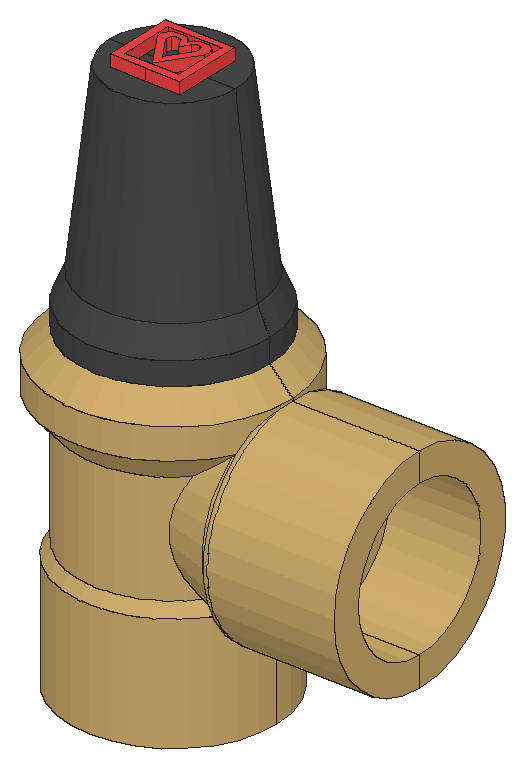
Revit family "pressure Relief safety valve 26xx", category Rohrzubehör, Revit 2021
Family settings
  Bemaßung runder Anschluss = Durchmesser verwenden
  Teiletyp = Normal
  OmniClass-Nummer = 23.65.55.14
  OmniClass-Titel = Valves for Liquid Services
  Arbeitsebenenbasiert = Nein
  Immer vertikal = Ja
  Beim Laden mit Abzugskörper schneiden = Nein
  Gemeinsam genutzt = Nein
Parameters (values of type "PN8")
  min. Temperature = 0 °C  # constant formula
  max. Temperature = 110 °C  # constant formula
  Weight [instance] = if(PN1.8, size_lookup("26XX_PN1.8", "Gewicht", 0.19, Nennweite), if(PN2.5, size_lookup("26XX_PN2.5", "Gewicht", 0.19, Nennweite), if(PN3, size_lookup("26XX_PN3", "Gewicht", 0.19, Nennweite), if(PN4, size_lookup("26XX_PN4", "Gewicht", 0.19, Nennweite), if(PN5, size_lookup("26XX_PN5", "Gewicht", 0.19, Nennweite), if(PN6, size_lookup("26XX_PN6", "Gewicht", 0.19, Nennweite), if(PN8, size_lookup("26XX_PN8", "Gewicht", 0.19, Nennweite), size_lookup("26XX_PN10", "Gewicht", 269501, Nennweite))))))))  # 0.118
  WS01 = 70.00°  # constant formula
  Vorgabe-Ansicht = 0.0000 mm
  URL = "www.herzvalves.com"
  Spring = "spring steel W.Nr. 1.4310"  # constant formula
  SCRNSEQ = "AWI;AWI_TYP=\"1015\";2"
  SCRNCODE = "05;21;02"  # constant formula
  S03 = 10.5000 mm  # constant formula
  S02 [instance] = H02 + H05  # 47.5000 mm
  S01 = 8.0000 mm  # constant formula
  R11 = 1.0000 mm  # constant formula
  R10 [instance] = (Nennweite Aus / 2) + 3.8000 mm  # 13.8000 mm
  R09 [instance] = Nennweite Aus / 2  # 10.0000 mm
  R08 [instance] = (Nennweite / 2) + 3.5000 mm  # 11.0000 mm
  R07 [instance] = R08 - 2.8000 mm  # 8.2000 mm
  R06 [instance] = Nennweite / 2  # 7.5000 mm
  R05 [instance] = Nennweite / 2  # 7.5000 mm
  R04 [instance] = if(PN1.8, size_lookup("26XX_PN1.8", "SW", 40.0000 mm, Nennweite), if(PN2.5, size_lookup("26XX_PN2.5", "SW", 40.0000 mm, Nennweite), if(PN3, size_lookup("26XX_PN3", "SW", 40.0000 mm, Nennweite), if(PN4, size_lookup("26XX_PN4", "SW", 40.0000 mm, Nennweite), if(PN5, size_lookup("26XX_PN5", "SW", 40.0000 mm, Nennweite), if(PN6, size_lookup("26XX_PN6", "SW", 40.0000 mm, Nennweite), if(PN8, size_lookup("26XX_PN8", "SW", 40.0000 mm, Nennweite), size_lookup("26XX_PN10", "SW", 269501.0000 mm, Nennweite))))))))  # 13.5000 mm
  R03 [instance] = (Nennweite / 2) + 5.0000 mm  # 12.5000 mm
  R02 [instance] = R04 + 2.0000 mm  # 15.5000 mm
  Part number [instance] = if(PN1.8, size_lookup("26XX_PN1.8", "Artnr", 0, Nennweite), if(PN2.5, size_lookup("26XX_PN2.5", "Artnr", 0, Nennweite), if(PN3, size_lookup("26XX_PN3", "Artnr", 0, Nennweite), if(PN4, size_lookup("26XX_PN4", "Artnr", 0, Nennweite), if(PN5, size_lookup("26XX_PN5", "Artnr", 0, Nennweite), if(PN6, size_lookup("26XX_PN6", "Artnr", 0, Nennweite), if(PN8, size_lookup("26XX_PN8", "Artnr", 0, Nennweite), size_lookup("26XX_PN10", "Artnr", 0, Nennweite))))))))  # 1268501
  PN8 = yes
  PN6 = no
  PN5 = no
  PN4 = no
  PN3 = no
  PN2.5 = no
  PN10 = no
  PN1.8 = no
  Nennweite Aus [instance] = if(PN1.8, size_lookup("26XX_PN1.8", "DN1", 38.1000 mm, Nennweite), if(PN2.5, size_lookup("26XX_PN2.5", "DN1", 38.1000 mm, Nennweite), if(PN3, size_lookup("26XX_PN3", "DN1", 38.1000 mm, Nennweite), if(PN4, size_lookup("26XX_PN4", "DN1", 38.1000 mm, Nennweite), if(PN5, size_lookup("26XX_PN5", "DN1", 38.1000 mm, Nennweite), if(PN6, size_lookup("26XX_PN6", "DN1", 38.1000 mm, Nennweite), if(PN8, size_lookup("26XX_PN8", "DN1", 38.1000 mm, Nennweite), size_lookup("26XX_PN10", "DN1", 38.1000 mm, Nennweite))))))))  # 20.0000 mm
  Nennweite [instance] = 15.0000 mm
  Name plate = "plastic PA6"  # constant formula
  Medium = "water purity in accordance with the ÖNORM H 5195 and VDI 2035 standards"
  Lid = "plastic PA6 (DN15-20), CW617N (DN25-32)"  # constant formula
  LO1 [instance] = H02 + H05 - 1.0000 mm  # 46.5000 mm
  L02 [instance] = if(PN1.8, size_lookup("26XX_PN1.8", "L2", 17.5000 mm, Nennweite), if(PN2.5, size_lookup("26XX_PN2.5", "L2", 17.5000 mm, Nennweite), if(PN3, size_lookup("26XX_PN3", "L2", 17.5000 mm, Nennweite), if(PN4, size_lookup("26XX_PN4", "L2", 17.5000 mm, Nennweite), if(PN5, size_lookup("26XX_PN5", "L2", 17.5000 mm, Nennweite), if(PN6, size_lookup("26XX_PN6", "L2", 17.5000 mm, Nennweite), if(PN8, size_lookup("26XX_PN8", "L2", 17.5000 mm, Nennweite), size_lookup("26XX_PN10", "L2", 269501.0000 mm, Nennweite))))))))  # 17.5000 mm
  L01 [instance] = if(PN1.8, size_lookup("26XX_PN1.8", "L1", 12.0000 mm, Nennweite), if(PN2.5, size_lookup("26XX_PN2.5", "L1", 12.0000 mm, Nennweite), if(PN3, size_lookup("26XX_PN3", "L1", 12.0000 mm, Nennweite), if(PN4, size_lookup("26XX_PN4", "L1", 12.0000 mm, Nennweite), if(PN5, size_lookup("26XX_PN5", "L1", 12.0000 mm, Nennweite), if(PN6, size_lookup("26XX_PN6", "L1", 12.0000 mm, Nennweite), if(PN8, size_lookup("26XX_PN8", "L1", 12.0000 mm, Nennweite), size_lookup("26XX_PN10", "L1", 269501.0000 mm, Nennweite))))))))  # 12.0000 mm
  L00 [instance] = if(PN1.8, size_lookup("26XX_PN1.8", "L", 52.0000 mm, Nennweite), if(PN2.5, size_lookup("26XX_PN2.5", "L", 52.0000 mm, Nennweite), if(PN3, size_lookup("26XX_PN3", "L", 52.0000 mm, Nennweite), if(PN4, size_lookup("26XX_PN4", "L", 52.0000 mm, Nennweite), if(PN5, size_lookup("26XX_PN5", "L", 52.0000 mm, Nennweite), if(PN6, size_lookup("26XX_PN6", "L", 52.0000 mm, Nennweite), if(PN8, size_lookup("26XX_PN8", "L", 52.0000 mm, Nennweite), size_lookup("26XX_PN10", "L", 269501.0000 mm, Nennweite))))))))  # 32.0000 mm
  Internal threaded connectors = "acc. to ISO 228-1"  # constant formula
  H08 [instance] = if(PN1.8, size_lookup("26XX_PN1.8", "H8", 21.0000 mm, Nennweite), if(PN2.5, size_lookup("26XX_PN2.5", "H8", 21.0000 mm, Nennweite), if(PN3, size_lookup("26XX_PN3", "H8", 21.0000 mm, Nennweite), if(PN4, size_lookup("26XX_PN4", "H8", 21.0000 mm, Nennweite), if(PN5, size_lookup("26XX_PN5", "H8", 21.0000 mm, Nennweite), if(PN6, size_lookup("26XX_PN6", "H8", 21.0000 mm, Nennweite), if(PN8, size_lookup("26XX_PN8", "H8", 21.0000 mm, Nennweite), size_lookup("26XX_PN10", "H8", 269501.0000 mm, Nennweite))))))))  # 6.5000 mm
  H07 [instance] = if(PN1.8, size_lookup("26XX_PN1.8", "H7", 3.0000 mm, Nennweite), if(PN2.5, size_lookup("26XX_PN2.5", "H7", 3.0000 mm, Nennweite), if(PN3, size_lookup("26XX_PN3", "H7", 3.0000 mm, Nennweite), if(PN4, size_lookup("26XX_PN4", "H7", 3.0000 mm, Nennweite), if(PN5, size_lookup("26XX_PN5", "H7", 3.0000 mm, Nennweite), if(PN6, size_lookup("26XX_PN6", "H7", 3.0000 mm, Nennweite), if(PN8, size_lookup("26XX_PN8", "H7", 3.0000 mm, Nennweite), size_lookup("26XX_PN10", "H7", 269501.0000 mm, Nennweite))))))))  # 3.0000 mm
  H06 [instance] = if(PN1.8, size_lookup("26XX_PN1.8", "H6", 15.0000 mm, Nennweite), if(PN2.5, size_lookup("26XX_PN2.5", "H6", 15.0000 mm, Nennweite), if(PN3, size_lookup("26XX_PN3", "H6", 15.0000 mm, Nennweite), if(PN4, size_lookup("26XX_PN4", "H6", 15.0000 mm, Nennweite), if(PN5, size_lookup("26XX_PN5", "H6", 15.0000 mm, Nennweite), if(PN6, size_lookup("26XX_PN6", "H6", 15.0000 mm, Nennweite), if(PN8, size_lookup("26XX_PN8", "H6", 15.0000 mm, Nennweite), size_lookup("26XX_PN10", "H6", 269501.0000 mm, Nennweite))))))))  # 15.0000 mm
  H05 [instance] = if(PN1.8, size_lookup("26XX_PN1.8", "H5", 30.0000 mm, Nennweite), if(PN2.5, size_lookup("26XX_PN2.5", "H5", 30.0000 mm, Nennweite), if(PN3, size_lookup("26XX_PN3", "H5", 30.0000 mm, Nennweite), if(PN4, size_lookup("26XX_PN4", "H5", 30.0000 mm, Nennweite), if(PN5, size_lookup("26XX_PN5", "H5", 30.0000 mm, Nennweite), if(PN6, size_lookup("26XX_PN6", "H5", 30.0000 mm, Nennweite), if(PN8, size_lookup("26XX_PN8", "H5", 30.0000 mm, Nennweite), size_lookup("26XX_PN10", "H5", 269501.0000 mm, Nennweite))))))))  # 30.5000 mm
  H04 [instance] = if(PN1.8, size_lookup("26XX_PN1.8", "H4", 12.0000 mm, Nennweite), if(PN2.5, size_lookup("26XX_PN2.5", "H4", 12.0000 mm, Nennweite), if(PN3, size_lookup("26XX_PN3", "H4", 12.0000 mm, Nennweite), if(PN4, size_lookup("26XX_PN4", "H4", 12.0000 mm, Nennweite), if(PN5, size_lookup("26XX_PN5", "H4", 12.0000 mm, Nennweite), if(PN6, size_lookup("26XX_PN6", "H4", 12.0000 mm, Nennweite), if(PN8, size_lookup("26XX_PN8", "H4", 12.0000 mm, Nennweite), size_lookup("26XX_PN10", "H4", 269501.0000 mm, Nennweite))))))))  # 12.0000 mm
  H00 [instance] = if(PN1.8, size_lookup("26XX_PN1.8", "H", 72.0000 mm, Nennweite), if(PN2.5, size_lookup("26XX_PN2.5", "H", 72.0000 mm, Nennweite), if(PN3, size_lookup("26XX_PN3", "H", 72.0000 mm, Nennweite), if(PN4, size_lookup("26XX_PN4", "H", 72.0000 mm, Nennweite), if(PN5, size_lookup("26XX_PN5", "H", 72.0000 mm, Nennweite), if(PN6, size_lookup("26XX_PN6", "H", 72.0000 mm, Nennweite), if(PN8, size_lookup("26XX_PN8", "H", 72.0000 mm, Nennweite), size_lookup("26XX_PN10", "H", 269501.0000 mm, Nennweite))))))))  # 72.0000 mm
  H03 [instance] = if(PN1.8, size_lookup("26XX_PN1.8", "H3", 4.0000 mm, Nennweite), if(PN2.5, size_lookup("26XX_PN2.5", "H3", 4.0000 mm, Nennweite), if(PN3, size_lookup("26XX_PN3", "H3", 4.0000 mm, Nennweite), if(PN4, size_lookup("26XX_PN4", "H3", 4.0000 mm, Nennweite), if(PN5, size_lookup("26XX_PN5", "H3", 4.0000 mm, Nennweite), if(PN6, size_lookup("26XX_PN6", "H3", 4.0000 mm, Nennweite), if(PN8, size_lookup("26XX_PN8", "H3", 4.0000 mm, Nennweite), size_lookup("26XX_PN10", "H3", 269501.0000 mm, Nennweite))))))))  # 4.0000 mm
  H02 [instance] = H00 - (H01 + H05)  # 17.0000 mm
  H01 [instance] = if(PN1.8, size_lookup("26XX_PN1.8", "H1", 30.0000 mm, Nennweite), if(PN2.5, size_lookup("26XX_PN2.5", "H1", 30.0000 mm, Nennweite), if(PN3, size_lookup("26XX_PN3", "H1", 30.0000 mm, Nennweite), if(PN4, size_lookup("26XX_PN4", "H1", 30.0000 mm, Nennweite), if(PN5, size_lookup("26XX_PN5", "H1", 30.0000 mm, Nennweite), if(PN6, size_lookup("26XX_PN6", "H1", 30.0000 mm, Nennweite), if(PN8, size_lookup("26XX_PN8", "H1", 30.0000 mm, Nennweite), size_lookup("26XX_PN10", "H1", 24.5000 mm, Nennweite))))))))  # 24.5000 mm
  Hersteller = "Herz-Armaturen GmbH"  # constant formula
  Field of application = "HERZ pressure relief valve is used as a protective element on the central heating boilers and in closed heating systems.\r\nit protects the boiler and installation against increased pressure.\r\nopening pressure is equal to the nominal pressure."
  Diaphragm = "VMQ-Silicon 50 Sha"  # constant formula
  DN32 [instance] = Nennweite = 32.0000 mm  # no
  DN25 [instance] = Nennweite = 25.0000 mm  # no
  DN20 [instance] = Nennweite = 20.0000 mm  # no
  DN15 [instance] = Nennweite = 15.0000 mm  # yes
  Cap = "plastic PA6"  # constant formula
  Body = "forged brass acc. to EN12165, CW617N"  # constant formula
Types (9, lengths in mm): name | Weight | S02 | R10 | R09 | R08 | R07 | R06 | R05 | R04 | R03 | R02 | Part number | PN8 | PN6 | PN5 | PN4 | PN3 | PN2.5 | PN10 | PN1.8 | Nennweite Aus | Nennweite | LO1 | L00 | H08 | H05 | H00 | H02 | H01 | DN32 | DN25 | DN20 | DN15
  (no name) | 0.118 | 47.5000 | 13.8000 | 10.0000 | 11.0000 | 8.2000 | 7.5000 | 7.5000 | 13.5000 | 12.5000 | 15.5000 | 1268501 | yes | no | no | no | no | no | no | no | 20.0000 | 15.0000 | 46.5000 | 32.0000 | 6.5000 | 30.5000 | 72.0000 | 17.0000 | 24.5000 | no | no | no | yes
  PN1.8 | 0.19 | 44.7500 | 16.3000 | 12.5000 | 13.5000 | 10.7000 | 10.0000 | 10.0000 | 16.0000 | 15.0000 | 18.0000 | 1261802 | no | no | no | no | no | no | no | yes | 25.0000 | 20.0000 | 43.7500 | 35.0000 | 9.7500 | 25.0000 | 72.0000 | 19.7500 | 27.2500 | no | no | yes | no
  PN2.5 | 0.118 | 47.5000 | 13.8000 | 10.0000 | 11.0000 | 8.2000 | 7.5000 | 7.5000 | 13.5000 | 12.5000 | 15.5000 | 1261101 | no | no | no | no | no | yes | no | no | 20.0000 | 15.0000 | 46.5000 | 32.0000 | 6.5000 | 30.5000 | 72.0000 | 17.0000 | 24.5000 | no | no | no | yes
  PN3 | 0.728 | 64.2500 | 23.8000 | 20.0000 | 19.5000 | 16.7000 | 16.0000 | 16.0000 | 25.0000 | 21.0000 | 27.0000 | 1261004 | no | no | no | no | yes | no | no | no | 40.0000 | 32.0000 | 63.2500 | 52.0000 | 21.5000 | 32.7500 | 97.0000 | 31.5000 | 32.7500 | yes | no | no | no
  PN4 | 0.118 | 47.5000 | 13.8000 | 10.0000 | 11.0000 | 8.2000 | 7.5000 | 7.5000 | 13.5000 | 12.5000 | 15.5000 | 1261501 | no | no | no | yes | no | no | no | no | 20.0000 | 15.0000 | 46.5000 | 32.0000 | 6.5000 | 30.5000 | 72.0000 | 17.0000 | 24.5000 | no | no | no | yes
  PN5 | 0.54 | 67.0000 | 19.8000 | 16.0000 | 16.0000 | 13.2000 | 12.5000 | 12.5000 | 20.5000 | 17.5000 | 22.5000 | 1265703 | no | no | yes | no | no | no | no | no | 32.0000 | 25.0000 | 66.0000 | 50.0000 | 13.0000 | 44.0000 | 97.0000 | 23.0000 | 30.0000 | no | yes | no | no
  PN6 | 0.118 | 47.5000 | 13.8000 | 10.0000 | 11.0000 | 8.2000 | 7.5000 | 7.5000 | 13.5000 | 12.5000 | 15.5000 | 1261301 | no | yes | no | no | no | no | no | no | 20.0000 | 15.0000 | 46.5000 | 32.0000 | 6.5000 | 30.5000 | 72.0000 | 17.0000 | 24.5000 | no | no | no | yes
  PN8 | 0.118 | 47.5000 | 13.8000 | 10.0000 | 11.0000 | 8.2000 | 7.5000 | 7.5000 | 13.5000 | 12.5000 | 15.5000 | 1268501 | yes | no | no | no | no | no | no | no | 20.0000 | 15.0000 | 46.5000 | 32.0000 | 6.5000 | 30.5000 | 72.0000 | 17.0000 | 24.5000 | no | no | no | yes
  PN10 | 0.118 | 47.5000 | 13.8000 | 10.0000 | 11.0000 | 8.2000 | 7.5000 | 7.5000 | 13.5000 | 12.5000 | 15.5000 | 1269501 | no | no | no | no | no | no | yes | no | 20.0000 | 15.0000 | 46.5000 | 32.0000 | 6.5000 | 30.5000 | 72.0000 | 17.0000 | 24.5000 | no | no | no | yes
Reference planes
  plane 1 "Mitte (Vorne/hinten)": y = 0
  plane 2: z = 0
  plane 3 "Mitte (Links/rechts)": x = 0
Forms (mm)
  Revolve 1, solid, material "Kunststoff schwarz", detail levels fine
    sketch origin (0, 0, 0) x (1, 0, 0) y (0, 0, 1)
      loop
        line (0, 47.5) -> (-8.2, 47.5) -> (-11, 23.493) -> (-12.5, 20) -> (-12.5, 17) -> (0, 17) -> (0, 47.5)
      axis (0, 47.5) -> (0, 17)
    angle from 0 to 360
  Revolve 2, solid, material "Messing", detail levels fine
    sketch origin (0, 0, 0) x (1, 0, 0) y (0, 0, 1)
      loop
        line (-15.5, 14) -> (-15.5, 10) -> (-12.5, 6.5) -> (-12.5, -7.886) -> (-13.5, -9.5) -> (-13.5, -24.5) -> (-7.5, -24.5) -> (-7.5, -12.5) -> (0, -12.5) -> (0, 17) -> (-12.5, 17) -> (-15.5, 14)
      axis (0, 17) -> (0, -24.5)
    angle from 0 to 360
  Revolve 3, solid, material "Messing", detail levels fine
    sketch origin (18.5, 0, 0) x (1, 0, 0) y (0, 0, 1)
      loop
        line (13.5, 10) -> (13.5, 13.8) -> (-3.06, 13.8)
        arc (-3.06, 13.8) -> (-3.634, 13.619) -> (-4, 13.142) r 1
        arc (-4, 13.142) -> (-4.293, 12.435) -> (-5, 12.142) r 1
        line (-5, 12.142) -> (-18.5, 7.5) -> (-18.5, 0) -> (1.5, 0) -> (1.5, 10) -> (13.5, 10)
      axis (-18.5, 0) -> (13.5, 0)
    angle from 0 to 360
Lines and regions (mm)
  model lines, detail levels coarse+medium
    curve 1: line (0.003, 0, -0.007) -> (0.003, 0, 47.5)
    curve 2: line (0.003, 0, -0.007) -> (-13.5, 0, -24.5)
    curve 3: line (-13.5, 0, -24.5) -> (13.5, 0, -24.5)
    curve 4: line (13.5, 0, -24.5) -> (0.003, 0, -0.007)
    curve 5: line (0.003, 0, -0.007) -> (32, 0, -13.8)
    curve 6: line (32, 0, -13.8) -> (32, 0, 13.8)
    curve 7: line (32, 0, 13.8) -> (0.003, 0, -0.007)
    curve 8: line (-10.5, 0, 48.643) -> (10.5, 0, 41)
    curve 9: line (-10.5, 0, 40.643) -> (10.5, 0, 33)
    curve 10: line (-10.5, 0, 32.643) -> (10.5, 0, 25)
    curve 11: line (-10.5, 0, 24.643) -> (10.5, 0, 17)
    curve 12: line (0, 0, 0) -> (32, 13.8, 0)
    curve 13: line (32, 13.8, 0) -> (32, -13.8, 0)
    curve 14: line (32, -13.8, 0) -> (0, 0, 0)
    curve 15: line (0, 0, 0) -> (-13.5, -24.5, 0)
    curve 16: line (-13.5, -24.5, 0) -> (13.5, -24.5, 0)
    curve 17: line (13.5, -24.5, 0) -> (0, 0, 0)
    curve 18: line (0, 0, 0) -> (0, 47.5, 0)
    curve 19: line (-10.5, 48.643, 0) -> (10.5, 41, 0)
    curve 20: line (-10.5, 40.643, 0) -> (10.5, 33, 0)
    curve 21: line (-10.5, 32.643, 0) -> (10.5, 25, 0)
    curve 22: line (-10.5, 24.643, 0) -> (10.5, 17, 0)
Dimensions and locks
  "R03": Revolve 2 sketch curve to Revolve 2 sketch curve  (x2)
  "R02": Revolve 2 sketch curve to Revolve 2 sketch curve
  "R04": Revolve 2 sketch curve to Revolve 2 sketch curve
  "R05": Revolve 2 sketch curve to Revolve 2 sketch curve
  "H01": level to Revolve 2 sketch curve
  "H02": Revolve 2 sketch curve to level
  "R03": Revolve 1 sketch curve to Revolve 1 sketch curve
  "R07": Revolve 1 sketch curve to Revolve 1 sketch curve
  "R08": Revolve 1 sketch curve to Revolve 1 sketch curve
  "R06": Revolve 3 sketch curve to Revolve 3 sketch curve
  "R09": Revolve 3 sketch curve to Revolve 3 sketch curve
  "R10": Revolve 3 sketch curve to Revolve 3 sketch curve
  "L00": Revolve 3 sketch curve to Revolve 3 sketch curve
  "H05": Revolve 1 sketch curve to Revolve 1 sketch curve
  "L01": Revolve 3 sketch curve to Revolve 3 sketch curve
  "H04": Revolve 2 sketch curve to Revolve 2 sketch curve
  "L02": Revolve 3 sketch curve to Revolve 3 sketch curve
  "H06": Revolve 2 sketch curve to Revolve 2 sketch curve
  "H02": Revolve 1 sketch curve to plane 2
  "H00": Revolve 1 to Revolve 2
  "H07": Revolve 2 sketch curve to Revolve 2 sketch curve
  "H07": Revolve 1 sketch curve to Revolve 1 sketch curve
  "H08": Revolve 2 sketch curve to plane 2
  "S02": curve 1 to plane 2
  "H01": plane 2 to curve 3
  "R04": curve 4 to plane 3 "Mitte (Links/rechts)" to curve 3
  "L00": curve 6 to plane 3 "Mitte (Links/rechts)"
  "R10": curve 7 to plane 2 to curve 6
  "S03": curve 8 to plane 3 "Mitte (Links/rechts)" to curve 8
  "S01": curve 8 to curve 9
  "S01": curve 9 to curve 10
  "S01": curve 10 to curve 11
  "H02": curve 11 to plane 2
  "L00": plane 3 "Mitte (Links/rechts)" to curve 13
  "R10": curve 14 to plane 1 "Mitte (Vorne/hinten)" to curve 13
  "H01": curve 16 to plane 1 "Mitte (Vorne/hinten)"
  "R04": curve 16 to plane 3 "Mitte (Links/rechts)" to curve 17
  "S02": plane 1 "Mitte (Vorne/hinten)" to curve 18
  "S03": curve 19 to plane 3 "Mitte (Links/rechts)" to curve 19
  "S01": curve 19 to curve 20
  "S01": curve 20 to curve 21
  "S01": curve 21 to curve 22
  "H02": plane 1 "Mitte (Vorne/hinten)" to curve 22
  "S02": nested 1 to plane 2
  "R11": radius of Revolve 3 sketch curve  (x2)
  "WS01": angle plane 3 "Mitte (Links/rechts)" to curve 8
  "WS01": angle plane 3 "Mitte (Links/rechts)" to curve 9
  "WS01": angle plane 3 "Mitte (Links/rechts)" to curve 10
  "WS01": angle plane 3 "Mitte (Links/rechts)" to curve 11
  "WS01": angle plane 3 "Mitte (Links/rechts)" to curve 19
  "WS01": angle plane 3 "Mitte (Links/rechts)" to curve 20
  "WS01": angle plane 3 "Mitte (Links/rechts)" to curve 21
  "WS01": angle plane 3 "Mitte (Links/rechts)" to curve 22
  aligned and locked: level to plane 2
Automatic sketch dimensions
  plane 3 "Mitte (Links/rechts)" to curve 4 = 0.0034 mm
  curve 4 to level = 0.0072 mm
  curve 11 to plane 3 "Mitte (Links/rechts)" = 10.5000 mm
  curve 10 to curve 11 = 0.0000 mm
  curve 8 to curve 9 = 0.0000 mm
  plane 1 "Mitte (Vorne/hinten)" to curve 14 = 0.0000 mm
  curve 14 to plane 3 "Mitte (Links/rechts)" = 0.0000 mm
  curve 20 to curve 19 = 0.0000 mm
  curve 21 to curve 20 = 0.0000 mm
  curve 22 to curve 21 = 0.0000 mm
  Revolve 1 sketch curve to plane 3 "Mitte (Links/rechts)" = 0.0000 mm  (x2)
  Revolve 1 sketch curve to Revolve 1 sketch curve = 3.4935 mm
  Revolve 1 sketch curve to level = 366.0447 mm
  Revolve 1 sketch curve to Revolve 1 sketch curve = 0.0000 mm
  Revolve 2 sketch curve to plane 3 "Mitte (Links/rechts)" = 0.0000 mm  (x2)
  Revolve 2 sketch curve to Revolve 2 sketch curve = 1.6143 mm
  Revolve 2 sketch curve to Revolve 2 sketch curve = 4.0000 mm
  Revolve 2 sketch curve to Revolve 2 sketch curve = 336.0447 mm
  Revolve 2 sketch curve to Revolve 2 sketch curve = 2186.6924 mm
  Revolve 3 sketch curve to level = 0.0000 mm  (x2)
  Revolve 3 sketch curve to plane 3 "Mitte (Links/rechts)" = 0.0000 mm
  Revolve 3 sketch curve to Revolve 3 sketch curve = 0.9397 mm
  Revolve 3 sketch curve to Revolve 3 sketch curve = 1333.4903 mm
  Revolve 3 sketch curve to Revolve 3 sketch curve = 1867.4827 mm
Nested families
  nested 1: "Herz-Logo" at (0, 0, 47.5), type "Herz-Logo"
Connectors
  piping at (20, 0, 0), diameter 20, driven by "Nennweite Aus"
    settings: on Revolve 3, index 1, connector inside diameter 609.6 mm, connector length 0.0000 mm, flow factor 0, pipe flow 0.0 L/s, pressure drop 0.0 Pa, fitting loss kfactor 0, connector angle 0.00°, fixture units 0, engagement length 0.0000 mm, angle of deflection 0.00°, flow configuration 0, flow direction 2, fitting loss method 0, system type 29, joint type 0, gender type 0, connector reference index -1, connector utility 0, adjustable connector no, is connector primary yes, connector description ""
  piping at (0, 0, -12.5), diameter 15, driven by "Nennweite"
    settings: on Revolve 2, index 2, connector inside diameter 609.6 mm, connector length 0.0000 mm, flow factor 0, pipe flow 0.0 L/s, pressure drop 0.0 Pa, fitting loss kfactor 0, connector angle 0.00°, fixture units 0, engagement length 0.0000 mm, angle of deflection 0.00°, flow configuration 0, flow direction 1, fitting loss method 0, system type 29, joint type 0, gender type 0, connector reference index -1, connector utility 0, adjustable connector no, is connector primary no, connector description ""
Definition of nested family "Herz-Logo"
  Parameters (values of type "Herz-Logo")
    Default Elevation = 0.0000 mm
  Reference planes
    plane 1 "Mitte (Vorne/hinten)": y = 0
    plane 2: z = 0
    plane 3 "Mitte (Links/rechts)": x = 0
  Forms (mm)
    Extrusion 1, solid
      sketch origin (0, 0, 0) x (1, 0, 0) y (0, 1, 0)
        loop
          line (-0.018, -4.517) -> (4.482, -4.517) -> (4.482, 4.483) -> (-4.518, 4.483) -> (-4.518, -4.517) -> (-0.018, -4.517)
        loop
          line (-0.05, -3.48) -> (3.482, -3.48) -> (3.482, 3.483) -> (-3.518, 3.483) -> (-3.518, -3.48) -> (-0.05, -3.48)
        loop
          arc (-0.018, 2.383) -> (-1.543, 3.287) -> (-3.067, 2.383) r 1.738
          arc (-3.067, 2.383) -> (-3.191, 1.899) -> (-3.067, 1.415) r 1.009
          line (-3.067, 1.415) -> (-0.018, -3.281) -> (3.032, 1.415)
          arc (3.032, 1.415) -> (3.156, 1.899) -> (3.032, 2.383) r 1.009
          arc (3.032, 2.383) -> (1.507, 3.287) -> (-0.018, 2.383) r 1.738
        loop
          arc (1.885, 1.272) -> (2.005, 1.675) -> (1.885, 2.079) r 0.74
          arc (1.885, 2.079) -> (1.265, 2.416) -> (0.644, 2.079) r 0.74
          line (0.644, 2.079) -> (-0.018, 0.97) -> (-0.679, 2.079)
          arc (-0.679, 2.079) -> (-1.3, 2.416) -> (-1.921, 2.079) r 0.74
          arc (-1.921, 2.079) -> (-2.04, 1.675) -> (-1.921, 1.272) r 0.74
          line (-1.921, 1.272) -> (-0.018, -1.658) -> (1.885, 1.272)
      from 0 to 1.5
  Dimensions and locks
    aligned and locked: level to plane 2
